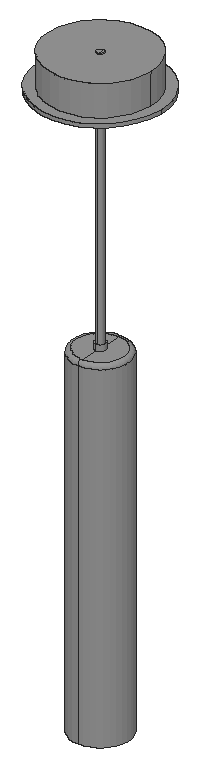
Revit family "3-635-xx - 37-635-xx - Idol (Pendant)", category Lighting Fixtures, host Ceiling, Revit 2018
Family settings
  Host = Ceiling
  Round Connector Dimension = Use Diameter
  Part Type = Normal
  OmniClass Number = 23.80.70.11
  OmniClass Title = Luminaries for Internal Lighting
  Always vertical = Yes
  Cut with Voids When Loaded = No
  Light Source = Yes
  Shared = No
  Room Calculation Point = No
Parameters (values of type "3-635-14 / 37-635-14 - Idol")
  Wattage Comments = "6.64 W at 120 V"  # constant formula
  URL = "www.oxygenlighting.com"
  Type Comments = "LED Lighting Fixture"
  Note [instance] = "Supplied with 8 ft of braided cord"  # constant formula
  Model = "3-635-xx / 37-635-xx - Idol"  # constant formula
  Emit from Circle Diameter = 5.00"
  Suspension Length [instance] = 30.00"
  References [instance] = "3 = 120 V / 37 = 277 V"  # constant formula
  Photometric Web File = "3-635 Idol Pendant.ies"
  Others = Rubber
  Metal Finish = Oxygen Lighting - Metal Finish - 14 - Polished Chrome
  Manufacturer = "Oxygen Lighting"  # constant formula
  Keynote = "LED array lamp"
  Input Voltage [instance] = "120 V or 277 V 50/60 Hz"  # constant formula
  Wattage = 6.64 W
  built-in parameter 1150110 = 1 (stored number, unit not read)
  built-in parameter 1114217 = 1 (stored number, unit not read)
  Tilt Angle = 90.00°
  built-in parameter 1150109 = 1 (stored number, unit not read)
  built-in parameter 1150134 = (empty or 0)
  built-in parameter 1150113 = 1 (stored number, unit not read)
  Lumens = 333.992 lm
  built-in parameter 1150115 = 1 (stored number, unit not read)
  built-in parameter 1150105 = -53839.5 (stored number, unit not read)
  built-in parameter 1150137 = (empty or 0)
  built-in parameter 1150139 = (empty or 0)
  built-in parameter 1150112 = 1 (stored number, unit not read)
  built-in parameter 1150114 = 1 (stored number, unit not read)
  Lamp = "LED Array"  # constant formula
  built-in parameter 1150132 = (empty or 0)
  built-in parameter 1150102 = (empty or 0)
  built-in parameter 1150138 = (empty or 0)
  built-in parameter 1150107 = 3000 (stored number, unit not read)
  built-in parameter 1150106 = -538.4 (stored number, unit not read)
  Emit Shape Visible in Rendering = no
  built-in parameter 1150104 = 4.673 (stored number, unit not read)
  Dimming Lamp Color Temperature Shift = <None>
  Diffuser = Oxygen Lighting - Diffuser - Matte White Acrylic
  Description = ""
  Cost = 0
  Color Filter = 16777215
  built-in parameter 1114218 = 1 (stored number, unit not read)
  built-in parameter 1150133 = 10 (stored number, unit not read)
  Assembly Code = ""
Types (4): name | Suspension Length | Metal Finish
  (no name) | 30.00" | Oxygen Lighting - Metal Finish - 14 - Polished Chrome
  3-635-14 / 37-635-14 - Idol | 30.00" | Oxygen Lighting - Metal Finish - 14 - Polished Chrome
  3-635-18 / 37-635-18 - Idol | 20.00" | Oxygen Lighting - Metal Finish - 18 - Gunmetal
  3-635-24 / 37-635-24 - Idol | 20.00" | Oxygen Lighting - Metal Finish - 24 - Satin Nickel
Reference planes (in)
  plane 1 "Light Source Axis (F/B)": y = 0
  plane 2 "Ceiling": z = 87.03879
  plane 3 "Light Source Axis (L/R)": x = 0
  plane 4 "Light Source Elevation": z = 57.03879
  plane 5: z = 74.2496
  plane 6: z = 85.0124
Forms (in)
  Extrusion 1, solid, material "Oxygen Lighting - Metal Finish - 14 - Polished Chrome" <- "Metal Finish"
    sketch origin (0, 0, 87.03879) x (1, 0, 0) y (0, 1, 0)
      loop
        circle (0, 0) r 2.5
    from 0 to -1.5
  Extrusion 2, solid, material "Oxygen Lighting - Metal Finish - 14 - Polished Chrome" <- "Metal Finish"
    sketch origin (0, 0, 87.03879) x (1, 0, 0) y (0, 1, 0)
      loop
        circle (0, 0) r 3
    from -1.67559 to -1.5
  Extrusion 3, solid, material "Oxygen Lighting - Metal Finish - 14 - Polished Chrome" <- "Metal Finish"
    sketch origin (0, 0, 87.03879) x (1, 0, 0) y (0, 1, 0)
      loop
        circle (0, 0) r 0.375
    from -1.67559 to -2.02639
  Revolve 4, solid, not visible
    sketch origin (0, 0, 0) x (0, 1, 0) y (0, 0, 1)
      loop
        line (1.15, 16.85) -> (0.15579, 16.85) -> (0.15579, 17.1) -> (0, 17.1) -> (0, 16.72) -> (1.15072, 16.72)
        arc (1.15072, 16.72) -> (1.19971, 16.69971) -> (1.22, 16.65072) r 0.06928
        line (1.22, 16.65072) -> (1.22, 0) -> (1.35, 0) -> (1.35, 16.65)
        arc (1.35, 16.65) -> (1.29142, 16.79142) -> (1.15, 16.85) r 0.2
      axis (0, 17.1) -> (0, 0)
    angle from 0 to 360
  Extrusion 5, solid, not visible
    sketch origin (0, 0, 0) x (1, 0, 0) y (0, 1, 0)
      loop
        circle (0, 0) r 1.22
    from 0.21153 to 0.48586
  Revolve 6, solid, material "Oxygen Lighting - Metal Finish - 14 - Polished Chrome" <- "Metal Finish"
    sketch origin (0, 0, 57.1496) x (0, 1, 0) y (0, 0, 1)
      loop
        line (1.15, 16.85) -> (0.25, 16.85) -> (0.25, 17.1) -> (0, 17.1) -> (0, 16.72) -> (1.15072, 16.72)
        arc (1.15072, 16.72) -> (1.19971, 16.69971) -> (1.22, 16.65072) r 0.06928
        line (1.22, 16.65072) -> (1.22, 0) -> (1.35, 0) -> (1.35, 16.65)
        arc (1.35, 16.65) -> (1.29142, 16.79142) -> (1.15, 16.85) r 0.2
      axis (0, 17.1) -> (0, 0)
    angle from 0 to 360
  Extrusion 7, solid, material "Oxygen Lighting - Diffuser - Matte White Acrylic" <- "Diffuser"
    sketch origin (0, 0, 57.1496) x (1, 0, 0) y (0, 1, 0)
      loop
        circle (0, 0) r 1.22
    from 0.21153 to 0.48586
  Revolve 8, solid, material "Oxygen Lighting - Metal Finish - 14 - Polished Chrome" <- "Metal Finish", not visible
    sketch origin (0, 0, 0) x (0, 1, 0) y (0, 0, 1)
      loop
        line (1.15, 16.85) -> (0.25, 16.85) -> (0.25, 17.1) -> (0, 17.1) -> (0, 16.72) -> (1.15072, 16.72)
        arc (1.15072, 16.72) -> (1.19971, 16.69971) -> (1.22, 16.65072) r 0.06928
        line (1.22, 16.65072) -> (1.22, 0) -> (1.35, 0) -> (1.35, 16.65)
        arc (1.35, 16.65) -> (1.29142, 16.79142) -> (1.15, 16.85) r 0.2
      axis (0, 17.1) -> (0, 0)
    angle from 0 to 360
  Extrusion 9, solid, material "Oxygen Lighting - Diffuser - Matte White Acrylic" <- "Diffuser", not visible
    sketch origin (0, 0, 0) x (1, 0, 0) y (0, 1, 0)
      loop
        circle (0, 0) r 1.22
    from 0.21153 to 0.48586
  Extrusion 10, solid, material "Oxygen Lighting - Metal Finish - 14 - Polished Chrome" <- "Metal Finish", not visible
    sketch origin (0, 0, 127.78239) x (1, 0, 0) y (0, 1, 0)
      loop
        circle (0, 0) r 2.5
    from 0 to -1.5
  Extrusion 11, solid, material "Oxygen Lighting - Metal Finish - 14 - Polished Chrome" <- "Metal Finish", not visible
    sketch origin (0, 0, 127.78239) x (1, 0, 0) y (0, 1, 0)
      loop
        circle (0, 0) r 3
    from -1.67559 to -1.5
  Extrusion 12, solid, material "Oxygen Lighting - Metal Finish - 14 - Polished Chrome" <- "Metal Finish", not visible
    sketch origin (0, 0, 127.78239) x (1, 0, 0) y (0, 1, 0)
      loop
        circle (0, 0) r 0.375
    from -1.67559 to -2.02639
  Revolve 13, solid, material "Rubber" <- "Others"
    sketch origin (0, 0, 0) x (0, 1, 0) y (0, 0, 1)
      loop
        line (0.17078, 87.03879) -> (0, 87.03879) -> (0, 74.2496) -> (0.17078, 74.2496) -> (0.17078, 87.03879)
      axis (0, 87.03879) -> (0, 74.2496)
    angle from 0 to 360
  Extrusion 14, solid
    sketch origin (0, 0, 0) x (1, 0, 0) y (0, 1, 0)
      loop
        circle (0, 0) r 0.75
    from 57.63546 to 58.35495
  Extrusion 15, solid
    sketch origin (0, 0, 9.2372) x (1, 0, 0) y (0, 1, 0)
      loop
        line (-0.42509, -0.37596) -> (0.40222, -0.37596) -> (0.40222, 0.37404) -> (-0.42509, 0.37404) -> (-0.42509, -0.37596)
    from 48.57853 to 48.80159
  Extrusion 16, solid, not visible
    sketch origin (0, 0, -47.9124) x (1, 0, 0) y (0, 1, 0)
      loop
        line (-0.42509, -0.37596) -> (0.40222, -0.37596) -> (0.40222, 0.37404) -> (-0.42509, 0.37404) -> (-0.42509, -0.37596)
    from 48.57853 to 48.80159
Dimensions and locks (in)
  equal spacing: host sketch curve, plane 3 "Light Source Axis (L/R)", host sketch curve
  equal spacing: host sketch curve, plane 1 "Light Source Axis (F/B)", host sketch curve
  host sketch curve to host sketch curve = 120.00"  (x2)
  locked: plane 5 to plane 4 "Light Source Elevation" at 17.21081
  locked: plane 2 "Ceiling" to plane 6 at 2.02639
  locked: Extrusion 14 to Extrusion 7 at 0.71949
  "Suspension Length": plane 2 "Ceiling" to plane 4 "Light Source Elevation"
  aligned and locked: plane 3 "Light Source Axis (L/R)" to imposter light
  aligned and locked: plane 1 "Light Source Axis (F/B)" to imposter light
  aligned and locked: plane 4 "Light Source Elevation" to imposter light
  aligned and locked: plane 1 "Light Source Axis (F/B)" to Extrusion 7
  aligned and locked: plane 5 to Revolve 6
  aligned and locked: host ceiling to Extrusion 1
  aligned and locked: plane 5 to Revolve 13
  aligned and locked: host ceiling to Revolve 13
  aligned and locked: Extrusion 14 to Extrusion 7
Automatic sketch dimensions
  Revolve 13 sketch curve to plane 1 "Light Source Axis (F/B)" = 0.00"  (x2)
  Revolve 13 sketch curve to plane 5 = 0.00"
  Revolve 13 sketch curve to plane 2 "Ceiling" = 0.00"
  Revolve 13 sketch curve to Revolve 13 sketch curve = 0.17078"
  Revolve 13 sketch curve to plane 6 = 4.32176"
  plane 2 "Ceiling" to Revolve 13 sketch curve = 5.18483"
  plane 1 "Light Source Axis (F/B)" to Extrusion 14 sketch curve = 0.00"
  Extrusion 14 sketch curve to plane 3 "Light Source Axis (L/R)" = 0.00"
  Extrusion 15 sketch curve to Extrusion 15 sketch curve = 0.82731"
  Extrusion 15 sketch curve to Extrusion 15 sketch curve = 0.75"
  Extrusion 16 sketch curve to Extrusion 16 sketch curve = 0.82731"
  Extrusion 16 sketch curve to Extrusion 16 sketch curve = 0.75"
  radius of Extrusion 14 sketch curve = 0.75"
Nested families (in)
  nested 1: "Materials (Ready to be inserted) - Oxygen Lighting RFA Template" at (-13.29624, 6.81561, -8.96121), type "Materials (Ready to be inserted) - Oxygen Lighting RFA Template"
Definition of nested family "Materials (Ready to be inserted) - Oxygen Lighting RFA Template"
  Parameters (values of type "Materials (Ready to be inserted) - Oxygen Lighting RFA Template")
    Metal Finish = none
    Manufacturer = "Oxygen Lighting"
    Input Voltage = "120V or 277V 50/60Hz"
    Diffuser = none
  Reference planes (in)
    plane 1 "Center (Front/Back)": y = 0
    plane 2 "Ceiling": z = 96
    plane 3 "Center (Left/Right)": x = 0
  Dimensions and locks (in)
    equal spacing: host sketch curve, plane 3 "Center (Left/Right)", host sketch curve
    equal spacing: host sketch curve, plane 1 "Center (Front/Back)", host sketch curve
    host sketch curve to host sketch curve = 120.00"  (x2)
